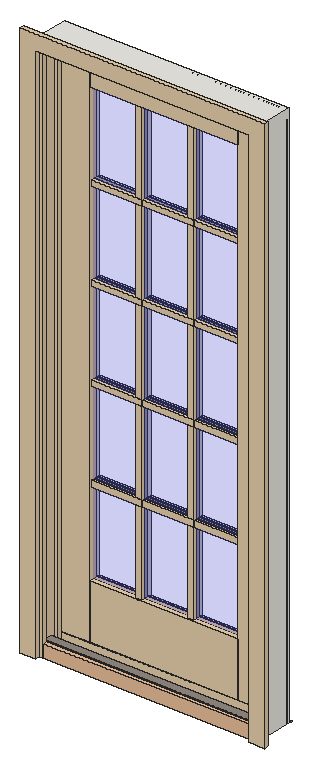
Revit family "Door-Gliding-Andersen-E_Series-Sidelight 2", category Doors, host Wall, Revit 2013
Parameters
  Type Comments = "Aluminum-clad wood Gliding Sidelight"  # constant formula
  Rough Width = Width + (Rough Opening Offset * 2)  # 2' - 9"
  Rough Opening Offset = 0' - 0 1/4"
  Rough Height = if(1 > 0, Height + 0' 0 1/2", 0' 0")  # 6' - 8 1/2"
  Panel Type [instance] = Gliding_Panel : SP1
  Masonry Width = if(Enter Exterior Trim Number > 0, Width + ((casing4 + Masonry Opening Offset) * 2), Width + (Masonry Opening Offset * 2))  # 2' - 9"
  Masonry Opening Offset = 0' - 0 1/4"
  Masonry Height = if(Enter Exterior Trim Number > 0, Height + (casing4 + 0' 0 1/2"), Height + 0' 0 1/2")  # 6' - 8 1/2"
  Learn About These Parameters = "http://www.andersenwindows.com/for-professionals/cad-symbols-bim-support-window-doors/bim-support"
  LWide = if(or(Enter Pattern Number = 1, Enter Pattern Number = 2), . . Lights Wide, if(Enter Pattern Number = 6, . . .Lights Wide, 3))  # 3
  Grille Bar Sizes = "5/8'', 7/8'', 1 1/8'', 1 1/2'', 2 1/4''"  # constant formula
  Glazing Material = Glass ‐ Andersen - Low-E4 SmartSun
  Between Glass Grille Bar Sizes = "5/8'', 1''"  # constant formula
  Interior Trim Visibility = yes
  Grille Bar Size = 0' - 0 7/8"
  Enter Pattern Number = 1
  ..Pattern Number 1 = "Traditional"  # constant formula
  ..Pattern Number 2 = "Traditional Top Light Only"  # constant formula
  . . Lights Wide = 3
  . . Top Light Lights High = 5
  . . Bottom Light Lights High = 2
  ..Pattern Number 3 = "Prairie Each Light"  # constant formula
  ..Pattern Number 4 = "Prairie Top Light Only"  # constant formula
  ..Pattern Number 5 = "Prairie Overall"  # constant formula
  ..Pattern Number 6 = "Craftsman"  # constant formula
  . . .Lights Wide = 3
  Extension Jamb Visibility = yes
  . . .Lights High = 1
  . . .Bottom Bar Location = 1' - 0"
  . . .Bottom Bar Size = 0' - 0 7/8"
  Enter Exterior Trim Number = 0
  ..Exterior Trim Number 0 = "No Exterior Trim"  # constant formula
  ..Exterior Trim  Number 1 = "2'' Brick Mould (A753)"  # constant formula
  ..Exterior Trim Number 2 = "2'' Ovolo Brick Mould (A754)"  # constant formula
  ..Exterior Trim  Number 3 = "3 1/2'' Brick Mould (A755)"  # constant formula
  ..Exterior Trim Number 4 = "3 1/2'' Backband & Bead Casing (A756)"  # constant formula
  ..Exterior Trim Number 5 = "3 1/2'' Flat Casing (A75B)"  # constant formula
  ..Exterior Trim Number 6 = "5 1/2'' Flat Casing (A758)"  # constant formula
  Interior Grille Bar Visibility = yes
  Exterior Grille Bar Visibility = yes
  Between Glass Grille Bar Visibility = yes
  xjamb Visibility [instance] = and(Extension Jamb Visibility, Wall Depth > 0' 4 9/16")  # no
  xjamb S1 [instance] = if(Wall Depth < 0' 4 5/8", 0' 0 1/16", 0' 0")  # 0' - 0 1/16"
  casingS2 = if(Enter Exterior Trim Number = 3, 0' 0 7/8", 0' 0 3/8")  # 0' - 0 3/8"
  casingS1 = if(Enter Exterior Trim Number = 1, 0' 0 5/8", if(or(Enter Exterior Trim Number = 2, Enter Exterior Trim Number = 3), 0' 1 1/2", 0' 0 3/8"))  # 0' - 0 3/8"
  casing4 = if(or(Enter Exterior Trim Number = 1, Enter Exterior Trim Number = 2), 0' 1 5/8", if(Enter Exterior Trim Number = 6, 0' 5 1/8", 0' 3 1/8"))  # 0' - 3 1/8"
  casing3 = if(Enter Exterior Trim Number = 1, 0' 0 3/8", if(Enter Exterior Trim Number = 2, 0' 0 5/16", 0' 0 9/16"))  # 0' - 0 9/16"
  casing2 = if(Enter Exterior Trim Number = 1, 0' 0 7/8", if(Enter Exterior Trim Number = 2, 0' 1 9/16", 0' 1 7/16"))  # 0' - 1 7/16"
  casing1 = 0' - 0 1/4"  # constant formula
  Wall Thickness [instance] = 0' - 8"
  Wall Depth [instance] = 0' - 4 9/16"
  Void Offset 1 [instance] = if(Enter Exterior Trim Number > 0, casing4, 0' 0")  # 0' - 0"
  Void Depth [instance] = if(Wall Thickness > Wall Depth, 0' 1" + Wall Thickness - Wall Depth, 0' 1")  # 0' - 4 7/16"
  VGB DLO = if(or(Enter Pattern Number = 3, or(Enter Pattern Number = 4, Enter Pattern Number = 5)), 0' 4", (H DLO - (Grille Bar Size * (V Bars))) / if(LWide > 2, LWide, 3))  # 0' - 6 1/4"
  V Bars = if(LWide > 2, LWide - 1, 2)  # 2
  URL = "www.eaglewindow.com"
  TS V DLO = Height - HGO - SGO  # 5' - 8"
  TS V Bar Length = if(Enter Pattern Number = 6, . . .Bottom Bar Location - HGO - (. . .Bottom Bar Size / 2), TS V DLO)  # 5' - 8"
  TS SH DLO = if(Enter Pattern Number = 5, HGO + 0' 4" + (Grille Bar Size / 2), if(Enter Pattern Number = 6, . . .Bottom Bar Location, (TS V DLO / 2) + HGO))  # 3' - 4"
  TS S V = LWide = 2  # no
  TS S H Craftsman = and(Enter Pattern Number = 6, . . .Lights High = 2)  # no
  TS S H = and(. . Top Light Lights High = 2, or(or(or(Enter Pattern Number = 5, Enter Pattern Number = 6), Enter Pattern Number = 1), Enter Pattern Number = 2))  # no
  TS M V = or(or(or(or(or(and(LWide > 2, Enter Pattern Number = 1), and(LWide > 2, Enter Pattern Number = 2)), Enter Pattern Number = 3), Enter Pattern Number = 4), Enter Pattern Number = 5), and(LWide > 2, Enter Pattern Number = 6))  # yes
  TS M H = or(or(or(and(. . Top Light Lights High > 2, Enter Pattern Number = 1), and(. . Top Light Lights High > 2, Enter Pattern Number = 2), Enter Pattern Number = 3), Enter Pattern Number = 4), and(. . .Lights High > 2, Enter Pattern Number = 6))  # yes
  TS HGB DLO = if(or(Enter Pattern Number = 3, Enter Pattern Number = 4), 0' 4", if(and(Enter Pattern Number = 6, . . .Lights High > 2), (TS V Bar Length - (Grille Bar Size * (. . .Lights High - 1))) / . . .Lights High, if(. . Top Light Lights High > 2, (TS V Bar Length - (Grille Bar Size * (. . Top Light Lights High - 1))) / . . Top Light Lights High, 0' 4")))  # 1' - 0.9"
  TS H Bars = if(or(Enter Pattern Number = 3, Enter Pattern Number = 4), 2, if(and(Enter Pattern Number = 6, . . .Lights High > 2), . . .Lights High - 1, if(. . Top Light Lights High > 2, . . Top Light Lights High - 1, 2)))  # 4
  Sill Interior Offset [instance] = 0' - 0 5/128"  # constant formula
  Sill Height [instance] = 0' - 1 7/8"  # constant formula
  Panel Bottom Inset [instance] = 0' - 2 5/32"  # constant formula
  Sill Depth [instance] = 0' - 6 1/16"  # constant formula
  SGO = 0' - 6"  # constant formula
  Product Documentation Link = "www.eaglewindow.com/_Products/Ascent-Sliding-French-Doors.aspx"
  Panel Width = ((Width) - 0' 1 3/4") + 0' 0 1/8"  # 2' - 6 7/8"
  Panel Height [instance] = CTRL Height - 0' 0 31/32" - Panel Bottom Inset  # 6' - 4 7/8"
  Nail Fin Visibility = Enter Exterior Trim Number = 0  # yes
  Model = "E-Series Gliding"  # constant formula
  Manufacturer = "Andersen Corporation"  # constant formula
  JGO = 0' - 6"  # constant formula
  Is Gliding = 1 = 1  # yes
  Interior Trim Size = 0' - 2 1/4"
  Interior Material = Wood - Andersen - Pine
  Horizontal Craftsman Bar Size = if(Enter Pattern Number = 6, . . .Bottom Bar Size, Grille Bar Size)  # 0' - 0 7/8"
  HGO = 0' - 6"  # constant formula
  H DLO = Width - (JGO * 2)  # 1' - 8 1/2"
  Function = Exterior
  Height = 6' - 8"
  Wall Closure = By host
  Width = 2' - 8 1/2"
  Frame Interior Inset [instance] = 0' - 0"  # constant formula
  Frame Depth [instance] = 0' - 5 29/32"  # constant formula
  Family Version = "06.01.14"  # constant formula
  Exterior Trim Finish = Aluminum - Andersen - Painted - White
  Exterior Panel Finish = Aluminum - Andersen - Painted - White
  Exterior Grille Bar Finish = Aluminum - Andersen - Painted - White
  Exterior Frame Finish = Aluminum - Andersen - Painted - White
  Designation = "GD"
  Description = "Aluminum-clad wood Gliding Sidelight"  # constant formula
  Coarse Plan [instance] = if(Wall Depth > Wall Thickness, Wall Thickness, Wall Depth)  # 0' - 4 9/16"
  Casing Visibility [instance] = Enter Exterior Trim Number > 0  # no
  CTRL Height [instance] = Height  # 6' - 8"
  Between Glass Grille Bar Finish = Stainless Steel - Andersen - Standard
  BS V DLO = Height - HGO - SGO  # 5' - 8"
  BS SH DLO = if(Enter Pattern Number = 5, SGO + 0' 4" + (Grille Bar Size / 2), (BS V DLO / 2) + SGO)  # 3' - 4"
  BS S V = and(LWide = 2, Enter Pattern Number = 1)  # no
  BS S H = or(and(. . Bottom Light Lights High = 2, Enter Pattern Number = 1), Enter Pattern Number = 5)  # yes
  BS M V = or(or(and(LWide > 2, Enter Pattern Number = 1), Enter Pattern Number = 3), Enter Pattern Number = 5)  # yes
  BS M H = or(and(. . Bottom Light Lights High > 2, Enter Pattern Number = 1), Enter Pattern Number = 3)  # no
  BS HGB DLO = if(. . Bottom Light Lights High > 2, if(Enter Pattern Number = 3, 0' 4", (BS V DLO - (Grille Bar Size * (. . Bottom Light Lights High - 1))) / . . Bottom Light Lights High), 0' 2")  # 0' - 2"
  BS H Bars = if(. . Bottom Light Lights High > 2, . . Bottom Light Lights High - 1, 2)  # 2
Reference planes (in)
  plane 1 "Center (Front/Back)": y = 0
  plane 2 "Center (Left/Right)": x = 0
  plane 3 "R Frame": x = -16.25
  plane 4 "L Frame": x = 16.25
  plane 5 "T Frame": z = 80
  plane 6 "Wall S1": y = 3.71875
  plane 7 "Wall S2": y = -4.28125
  plane 8 "Interior Casing": y = -4.90625
  plane 9 "Frame S2": y = -4.28125
  plane 10 "Flange": y = 0.28125
  plane 11 "Frame S1": y = 1.34375
  plane 12 "Casing S2": y = 1.71875
  plane 13 "Casing S1": y = 1.71875
  plane 14 "Exterior Offset": y = 4.71875
  plane 15 "Coarse Detail Plan": y = 1.5625
  plane 16 "R Rough Opening": x = -16.5
  plane 17 "R Casing 1": x = -16
  plane 18 "R Casing 2": x = -17.9375
  plane 19 "R Casing 3": x = -18.8125
  plane 20 "R Casing 4": x = -19.375
  plane 21 "R Masonry Opening": x = -16.5
  plane 22 "L Masonry Opening": x = 16.5
  plane 23 "L Casing 4": x = 19.375
  plane 24 "L Casing 3": x = 18.8125
  plane 25 "L Casing 2": x = 17.9375
  plane 26 "L Casing 1": x = 16
  plane 27 "L Rough Opening": x = 16.5
  plane 28 "T Rough Opening": z = 80.5
  plane 29 "T Casing 1": z = 79.75
  plane 30 "T Casing 2": z = 81.6875
  plane 31 "T Casing 3": z = 82.5625
  plane 32 "T Casing 4": z = 83.125
  plane 33 "T Masonry Opening": z = 80.5
  plane 34 "R Int Casing": x = -17.75
  plane 35 "R Xjamb 2": x = -16.125
  plane 36 "R Xjamb 1": x = -15.5
  plane 37 "L Int Casing": x = 17.75
  plane 38 "L Xjamb 2": x = 16.125
  plane 39 "L Xjamb 1": x = 15.5
  plane 40 "T Int Casing": z = 81.25
  plane 41 "T Xjamb 2": z = 79.875
  plane 42 "T Xjamb 1": z = 79
  plane 43 "L Panel": x = 15.4372
  plane 44 "R Panel": x = -15.4375
  plane 45 "T Panel": z = 79.0312
  plane 46 "B Panel": z = 2.1562
  plane 47 "B Glazing": z = 10.1562
  plane 48 "T Glazing": z = 74.3437
  plane 49 "L Glazing": x = 10.7497
  plane 50 "R Glazing": x = -10.75
  plane 51 "Panel1 S1": y = -1.88625
  plane 52 "Panel1 S2": y = -3.63625
  plane 53 "Xjamb S1": y = -4.21875
  plane 54 "Frame S2 Ext": y = 1.625
  plane 55 "Stop Exterior": y = -1.20412
  plane 56 "Stop Interior": y = -1.71975
  plane 57 "Sill Exterior": y = 1.78125
  plane 58 "L Stop": x = 14.75
  plane 59 "R Stop": x = -14.75
  plane 60 "T Stop": z = 78.5
  plane 61 "Sill Height": z = 1.875
  plane 62 "Panel2 S1": y = 0.625
  plane 63 "Panel2 S2": y = -1.1355
  plane 64 "R Panel Width": x = 15.4375
Forms (in)
  Extrusion 1, void
    sketch origin (0, 0, 0) x (1, 0, 0) y (0, 0, 1)
      loop
        line (16.25, 80) -> (-16.25, 80) -> (-16.25, 0) -> (16.25, 0) -> (16.25, 80)
    from -0.28125 to 4.28125
  Extrusion 2, void
    sketch origin (0, 0, 0) x (1, 0, 0) y (0, 0, 1)
      loop
        line (16.25, 80) -> (-16.25, 80) -> (-16.25, 0) -> (16.25, 0) -> (16.25, 80)
    from -15.71875 to -0.28125
  Sweep 3, solid, material "Aluminum - Andersen - Painted - White" <- "Exterior Trim Finish", visible <- "Casing Visibility", detail levels medium+fine
    path origin (0, 0.28125, 0) x (-1, 0, 0) y (0, 0, 1)
      loop
        line (-19.375, 0) -> (-19.375, 83.125) -> (19.375, 83.125) -> (19.375, 0)
    profile origin (19.375, 0.28125, 41.5625) x (1, 0, 0) y (0, 1, 0)
      loop
        line (-1.4375, 1.4375) -> (-3.375, 1.4375) -> (-3.375, 0) -> (0, 0) -> (0, 1.4375) -> (-0.5625, 1.4375) -> (-1.4375, 1.4375)
  Extrusion 4, solid, material "Aluminum - Andersen - Painted - White" <- "Exterior Trim Finish", visible <- "Casing Visibility", detail levels coarse
    sketch origin (0, 0.28125, 0) x (-1, 0, 0) y (0, 0, 1)
      loop
        line (-16, 79.75) -> (16, 79.75) -> (16, 0) -> (19.375, 0) -> (19.375, 83.125) -> (-19.375, 83.125) -> (-19.375, 0) -> (-16, 0) -> (-16, 79.75)
    from 0 to 1.9375
  Extrusion 5, solid, material "Wood - Andersen - Pine" <- "Interior Material", visible <- "Interior Trim Visibility", detail levels fine
    sketch origin (0, 0, 0) x (1, 0, 0) y (0, 0, 1)
      loop
        line (-15.5, 79) -> (15.5, 79) -> (15.5, 0) -> (17.75, 0) -> (17.75, 81.25) -> (-17.75, 81.25) -> (-17.75, 0) -> (-15.5, 0) -> (-15.5, 79)
    from 4.28125 to 4.90625
  Extrusion 6, solid, material "Wood - Andersen - Pine" <- "Interior Material", visible <- "xjamb Visibility", detail levels medium+fine
    sketch origin (0, 0, 0) x (1, 0, 0) y (0, 0, 1)
      loop
        line (-16.125, 0) -> (-15.5, 0) -> (-15.5, 79) -> (15.5, 79) -> (15.5, 0) -> (16.125, 0) -> (16.125, 79.875) -> (-16.125, 79.875) -> (-16.125, 0)
    from 4.21875 to 4.28125
  Sweep 7, solid, material "Aluminum - Andersen - Painted - White" <- "Exterior Frame Finish", detail levels medium+fine
    path origin (0, 0.28125, 0) x (-1, 0, 0) y (0, 0, 1)
      loop
        line (-16.25, 0) -> (-16.25, 80) -> (16.25, 80) -> (16.25, 0)
    profile origin (16.25, 0.28125, 40) x (1, 0, 0) y (0, 1, 0)
      loop
        line (0, -4.5625) -> (0, 1.0625) -> (-0.25, 1.0625) -> (-0.4375, 1.34375) -> (-1.5, 1.34375) -> (-1.5, 0.35575) -> (-0.75, 0.35575) -> (-0.75, -1.48538) -> (-1.375, -1.48538) -> (-1.375, -2.001) -> (-0.75, -2.001) -> (-0.75, -4.0625) -> (-1.313, -4.0625) -> (-1.313, -4.5625) -> (0, -4.5625)
  Sweep 8, solid, material "Aluminum - Andersen - Painted - White" <- "Exterior Frame Finish", detail levels coarse
    path origin (-0.30351, 0.28125, 0) x (-1, 0, 0) y (0, 0, 1)
      loop
        line (-16.55351, 0) -> (-16.55351, 80) -> (15.94649, 80) -> (15.94649, 0)
    profile origin (16.25, 0.28125, 40) x (1, 0, 0) y (0, 1, 0)
      loop
        line (-0.8125, -4.5625) -> (0, -4.5625) -> (0, 1.34375) -> (-0.8125, 1.34375) -> (-0.8125, -4.5625)
  Sweep 9, solid, material "Fiberglass - Andersen - Terratone", detail levels medium+fine
    path origin (0, 0.28125, 0) x (-1, 0, 0) y (0, 0, 1)
      loop
        line (-16.25, 0) -> (16.25, 0)
    profile origin (0, 0.28125, 0) x (0, 0, 1) y (0, 1, 0)
      loop
        line (0, -4.5625) -> (1.875, -4.5625) -> (1.875, -3.94709) -> (2.00898, -3.94709) -> (1.91719, -2.63442) -> (0.63229, -2.63442) -> (0.54751, -1.41675) -> (0.42251, -1.41675) -> (0.29543, 0.40833) -> (0.15625, 0.40833) -> (0.09649, 1.5) -> (0, 1.5) -> (0, -4.5625)
  Sweep 10, solid, material "Fiberglass - Andersen - Terratone", detail levels coarse
    path origin (0, 0.28125, 0) x (-1, 0, 0) y (0, 0, 1)
      loop
        line (-15.4375, 2.1562) -> (15.4375, 2.1562)
    profile origin (0, 0.28125, 2.1562) x (0, 0, 1) y (0, 1, 0)
      loop
        line (0, 1.34375) -> (-2.1562, 1.34375) -> (-2.1562, -4.5625) -> (0, -4.5625) -> (0, 1.34375)
  Sweep 11, void
    path origin (0, 0.28125, 0) x (-1, 0, 0) y (0, 0, 1)
      loop
        line (0, 0) -> (0, 2.1562)
    profile origin (0, 0.28125, 1.0781) x (1, 0, 0) y (0, 1, 0)
      loop
        line (14.937, -4.0625) -> (14.937, -4.5625) -> (16.25, -4.5625) -> (16.25, 1.0625) -> (16, 1.0625) -> (15.8125, 1.34375) -> (14.75, 1.34375) -> (14.75, 0.35575) -> (15.5, 0.35575) -> (15.5, -1.48538) -> (14.875, -1.48538) -> (14.875, -2.001) -> (15.5, -2.001) -> (15.5, -4.0625) -> (14.937, -4.0625)
      loop
        line (-14.937, -4.0625) -> (-15.5, -4.0625) -> (-15.5, -2.001) -> (-14.875, -2.001) -> (-14.875, -1.48538) -> (-15.5, -1.48538) -> (-15.5, 0.35575) -> (-14.75, 0.35575) -> (-14.75, 1.34375) -> (-15.8125, 1.34375) -> (-16, 1.0625) -> (-16.25, 1.0625) -> (-16.25, -4.5625) -> (-14.937, -4.5625) -> (-14.937, -4.0625)
  Sweep 12, solid, material "Aluminum - Andersen - Painted - White" <- "Exterior Panel Finish", detail levels medium+fine
    path origin (0.97958, 0.28125, -3.29495) x (-1, 0, 0) y (0, 0, 1)
      loop
        line (-14.45792, 5.45115) -> (16.41708, 5.45115)
    profile origin (0, 0.28125, 2.1562) x (0, 0, 1) y (0, 1, 0)
      loop
        line (-1.73369, -1.41675) -> (0, -1.41675) -> (0, 0.34375) -> (-1.85627, 0.34375) -> (-1.73369, -1.41675)
Cuts and joins
  Sweep 11 cuts Sweep 9
Lines and regions (in)
  Masking region 1, visible <- "Casing Visibility"
    outline origin (0, 0, 0) x (0, 1, 0) y (0, 0, 1)
      loop
        line (0.28125, 80) -> (1.34375, 80) -> (1.34375, 79.75) -> (1.625, 79.5625) -> (1.625, 0) -> (1.71875, 0) -> (1.71875, 83.125) -> (0.28125, 83.125) -> (0.28125, 80)
  Masking region 2
    outline origin (0, 0, 0) x (1, 0, 0) y (0, 1, 0)
      loop
        line (-16.25, 1.78125) -> (-16.25, -4.28125) -> (16.25, -4.28125) -> (16.25, 1.78125) -> (-16.25, 1.78125)
  Masking region 3
    outline origin (0, 0, 0) x (0, 1, 0) y (0, 0, 1)
      loop
        line (1.34375, 80) -> (-4.28125, 80) -> (-4.28125, 0) -> (1.625, 0) -> (1.625, 79.5625) -> (1.34375, 79.75) -> (1.34375, 80)
  Masking region 4, visible <- "Casing Visibility", detail levels fine
    outline origin (0, 0, 0) x (1, 0, 0) y (0, 1, 0)
      loop
        line (-18.8125, 1.71875) -> (-19.375, 1.71875) -> (-19.375, 0.28125) -> (-16.25, 0.28125) -> (-16.25, 1.34375) -> (-16, 1.34375) -> (-16, 1.71875) -> (-17.9375, 1.71875) -> (-18.8125, 1.71875)
  Masking region 5, visible <- "Casing Visibility", detail levels fine
    outline origin (0, 0, 0) x (1, 0, 0) y (0, 1, 0)
      loop
        line (18.8125, 1.71875) -> (17.9375, 1.71875) -> (16, 1.71875) -> (16, 1.34375) -> (16.25, 1.34375) -> (16.25, 0.28125) -> (19.375, 0.28125) -> (19.375, 1.71875) -> (18.8125, 1.71875)
  Masking region 6, visible <- "Casing Visibility", detail levels coarse+medium
    outline origin (0, 0, 0) x (1, 0, 0) y (0, 1, 0)
      loop
        line (-19.375, 1.71875) -> (-19.375, 0.28125) -> (-16.25, 0.28125) -> (-16.25, 1.71875) -> (-19.375, 1.71875)
  Masking region 7, visible <- "Casing Visibility", detail levels coarse+medium
    outline origin (0, 0, 0) x (1, 0, 0) y (0, 1, 0)
      loop
        line (16.25, 1.71875) -> (16.25, 0.28125) -> (19.375, 0.28125) -> (19.375, 1.71875) -> (16.25, 1.71875)
  Masking region 8, visible <- "Casing Visibility"
    outline origin (0, 1.78125, 0) x (-1, 0, 0) y (0, 0, 1)
      loop
        line (-19.375, 83.125) -> (-19.375, 0) -> (-16.25, 0) -> (-16.25, 80) -> (16.25, 80) -> (16.25, 0) -> (19.375, 0) -> (19.375, 83.125) -> (-19.375, 83.125)
  Masking region 9, visible <- "Interior Trim Visibility", detail levels fine
    outline origin (0, -4.90625, 0) x (-1, 0, 0) y (0, 0, 1)
      loop
        line (-17.75, 81.25) -> (-17.75, 0) -> (-15.5, 0) -> (-15.5, 79) -> (15.5, 79) -> (15.5, 0) -> (17.75, 0) -> (17.75, 81.25) -> (-17.75, 81.25)
  Masking region 10
    outline origin (0, -2.32031, 0) x (-1, 0, 0) y (0, 0, 1)
      loop
        line (-16.25, 80) -> (-16.25, 0) -> (16.25, 0) -> (16.25, 80) -> (-16.25, 80)
      loop
        line (-14.75, 78.5) -> (-14.75, 2.1562) -> (14.75, 2.1562) -> (14.75, 78.5) -> (-14.75, 78.5)
  Split face 1
    outline origin (15.4375, 0.28125, 2.1562) x (0, 0, -1) y (0, 1, 0)
      loop
        line (0, -0.03125) -> (1.83234, -0.03125)
  Masking region 11
    outline origin (0, 1.78125, 0) x (-1, 0, 0) y (0, 0, 1)
      loop
        line (16.25, 80) -> (-16.25, 80) -> (-16.25, 0) -> (16.25, 0) -> (16.25, 80)
      loop
        line (14.75, 78.5) -> (-14.75, 78.5) -> (-14.75, 2.1562) -> (14.75, 2.1562) -> (14.75, 78.5)
  Masking region 12, visible <- "xjamb Visibility", detail levels medium+fine
    outline origin (0, 0, 0) x (1, 0, 0) y (0, 1, 0)
      loop
        line (-16.125, -4.21875) -> (-16.125, -4.28125) -> (-15.5, -4.28125) -> (-15.5, -4.21875) -> (-16.125, -4.21875)
  Masking region 13, visible <- "Interior Trim Visibility", detail levels fine
    outline origin (0, 0, 0) x (1, 0, 0) y (0, 1, 0)
      loop
        line (-17.75, -4.28125) -> (-17.75, -4.90625) -> (-15.5, -4.90625) -> (-15.5, -4.28125) -> (-17.75, -4.28125)
  Masking region 14, visible <- "xjamb Visibility", detail levels medium+fine
    outline origin (0, 0, 0) x (1, 0, 0) y (0, 1, 0)
      loop
        line (15.5, -4.21875) -> (15.5, -4.28125) -> (16.125, -4.28125) -> (16.125, -4.21875) -> (15.5, -4.21875)
  Masking region 15, visible <- "Interior Trim Visibility", detail levels fine
    outline origin (0, 0, 0) x (1, 0, 0) y (0, 1, 0)
      loop
        line (15.5, -4.28125) -> (15.5, -4.90625) -> (17.75, -4.90625) -> (17.75, -4.28125) -> (15.5, -4.28125)
  Masking region 16, visible <- "xjamb Visibility", detail levels medium+fine
    outline origin (0, 0, 0) x (0, 1, 0) y (0, 0, 1)
      loop
        line (-4.21875, 79.875) -> (-4.28125, 79.875) -> (-4.28125, 0) -> (-4.21875, 0) -> (-4.21875, 79.875)
  Masking region 17, visible <- "Interior Trim Visibility", detail levels fine
    outline origin (0, 0, 0) x (0, 1, 0) y (0, 0, 1)
      loop
        line (-4.28125, 81.25) -> (-4.90625, 81.25) -> (-4.90625, 0) -> (-4.28125, 0) -> (-4.28125, 81.25)
  Split face 2
    outline origin (16.25, -4.28125, 0) x (0, 1, 0) y (-1, 0, 0)
      loop
        line (0.5, 31.187) -> (0.5, 1.313)
  Split face 3
    outline origin (15.4375, 1.625, 2.1562) x (-1, 0, 0) y (0, -1, 0)
      loop
        line (0, 5.40625) -> (30.875, 5.40625)
  Split face 4
    outline origin (15.4375, -4.28125, 0) x (0, 1, 0) y (-1, 0, 0)
      loop
        line (0.5, 30.875) -> (0.5, 0)
  Split face 5
    outline origin (-15.4375, 0.28125, 2.1562) x (0, 1, 0) y (0, 0, -1)
      loop
        line (-4.0625, 0) -> (-4.0625, 2.1562)
  Split face 6
    outline origin (15.4375, 0.28125, 2.1562) x (0, 0, -1) y (0, 1, 0)
      loop
        line (0, -4.0625) -> (2.1562, -4.0625)
  Split face 7
    outline origin (16.25, 1.625, 80) x (-1, 0, 0) y (0, -1, 0)
      loop
        line (0, 2.7605) -> (32.5, 2.7605)
  Split face 8
    outline origin (-16.25, 1.34375, 80) x (0, 0, -1) y (0, -1, 0)
      loop
        line (0, 2.47925) -> (80, 2.47925)
  Split face 9
    outline origin (16.25, 1.34375, 0) x (0, 0, 1) y (0, -1, 0)
      loop
        line (80, 2.47925) -> (0, 2.47925)
  Split face 10
    outline origin (16.25, 1.625, 0) x (0, 0, 1) y (0, -1, 0)
      loop
        line (80, 2.7605) -> (0, 2.7605)
  Split face 11
    outline origin (-16.25, 1.625, 80) x (0, 0, -1) y (0, -1, 0)
      loop
        line (0, 2.7605) -> (80, 2.7605)
  Split face 12
    outline origin (16.25, 1.34375, 80) x (-1, 0, 0) y (0, -1, 0)
      loop
        line (32.5, 2.47925) -> (0, 2.47925)
  Split face 13
    outline origin (-15.4375, -4.28125, 79.1875) x (0, 0, -1) y (0, 1, 0)
      loop
        line (79.1875, 3.14575) -> (0, 3.14575)
  Split face 14
    outline origin (15.4375, -4.28125, 79.1875) x (0, 1, 0) y (-1, 0, 0)
      loop
        line (3.14575, 30.875) -> (3.14575, 0)
  Split face 15
    outline origin (15.4375, -4.28125, 0) x (0, 0, 1) y (0, 1, 0)
      loop
        line (79.1875, 3.14575) -> (0, 3.14575)
  symbolic lines, style "DoorsFrameMullionProjection", visible <- "Casing Visibility", detail levels medium+fine
    curve 1: line (0, 1.71875, 82.5625) -> (0, 1.71875, 81.6875)
    curve 2: line (0, 1.71875, 81.6875) -> (0, 1.71875, 79.75)
    curve 3: line (0, 1.71875, 79.75) -> (0, 1.34375, 79.75)
    curve 5: line (19.375, 0.28125, 2.1562) -> (21, 0.28125, 2.1562)
    curve 6: line (-19.375, 0.28125, 2.1562) -> (-21, 0.28125, 2.1562)
    curve 117: line (0, 0.28125, 84.75) -> (0, 0.28125, 83.125)
  symbolic lines, style "DoorsFrameMullionProjection", detail levels coarse
    curve 4: line (0, 1.34375, 80) -> (0, 1.71875, 80)
    curve 7: line (15.5, 1.625, 2.1562) -> (15.5, -4.28125, 2.1562)
    curve 8: line (0, 1.625, 0) -> (0, 1.625, 2.1562)
    curve 9: line (0, 1.625, 2.1562) -> (0, -4.28125, 2.1562)
    curve 10: line (0, -4.28125, 2.1562) -> (0, -4.28125, 0)
    curve 11: line (0, -4.21875, 79.0312) -> (0, 1.625, 79.0312)
    curve 33: line (-16.25, 1.625, 2.1562) -> (-15.5, 1.625, 2.1562)
    curve 96: line (-15.5, 1.625, 2.1562) -> (-15.5, -4.28125, 2.1562)
    curve 124: line (15.5, 1.625, 2.1562) -> (16.25, 1.625, 2.1562)
  symbolic lines, style "DoorsFrameMullionProjection", detail levels medium+fine
    curve 12: line (-15.875, -4.28125, 2.1562) -> (-16.25, -4.28125, 2.1562)
    curve 15: line (-14.75, 1.625, 0.8125) -> (-14.75, 0.637, 0.8125)
    curve 16: line (-14.75, 0.637, 0.8125) -> (-15.5, 0.637, 0.8125)
    curve 17: line (-15.5, 0.637, 0.8125) -> (-15.5, -1.20413, 0.8125)
    curve 18: line (-15.5, -1.20413, 0.8125) -> (-14.875, -1.20413, 0.8125)
    curve 19: line (-14.875, -1.20413, 0.8125) -> (-14.875, -1.71975, 0.8125)
    curve 20: line (-14.937, -4.28125, 0.8125) -> (-16.25, -4.28125, 0.8125)
    curve 21: line (-16.25, -4.28125, 0.8125) -> (-16.25, 1.34375, 0.8125)
    curve 22: line (-15.8125, 1.625, 0.8125) -> (-14.75, 1.625, 0.8125)
    curve 23: line (0, -1.20413, 78.625) -> (0, -1.71975, 78.625)
    curve 24: line (0, -1.20413, 79.25) -> (0, -1.20413, 78.625)
    curve 25: line (0, -1.20413, 79.25) -> (0, 0.625, 79.25)
    curve 26: line (0, 0.625, 79.25) -> (0, 0.625, 78.5)
    curve 27: line (0, 0.625, 78.5) -> (0, 1.625, 78.5)
    curve 28: line (0, 1.625, 78.5) -> (0, 1.625, 79.5625)
    curve 29: line (0, -4.28125, 78.687) -> (0, -4.28125, 80)
    curve 30: line (0, -4.28125, 80) -> (0, 1.34375, 80)
    curve 42: line (-15.5, -1.71975, 0.8125) -> (-14.875, -1.71975, 0.8125)
    curve 43: line (-15.5, -1.71975, 0.8125) -> (-15.5, -3.78125, 0.8125)
    curve 44: line (-15.5, -3.78125, 0.8125) -> (-14.937, -3.78125, 0.8125)
    curve 45: line (-14.937, -3.78125, 0.8125) -> (-14.937, -4.28125, 0.8125)
    curve 46: line (-16, 1.34375, 0.8125) -> (-15.8125, 1.625, 0.8125)
    curve 52: line (14.75, 1.625, 0.8125) -> (14.75, 0.637, 0.8125)
    curve 53: line (14.75, 0.637, 0.8125) -> (15.5, 0.637, 0.8125)
    curve 54: line (15.5, 0.637, 0.8125) -> (15.5, -1.20413, 0.8125)
    curve 55: line (15.5, -1.20413, 0.8125) -> (14.875, -1.20413, 0.8125)
    curve 56: line (14.875, -1.20413, 0.8125) -> (14.875, -1.71975, 0.8125)
    curve 57: line (14.937, -4.28125, 0.8125) -> (16.25, -4.28125, 0.8125)
    curve 58: line (16.25, -4.28125, 0.8125) -> (16.25, 1.34375, 0.8125)
    curve 59: line (15.8125, 1.625, 0.8125) -> (14.75, 1.625, 0.8125)
    curve 60: line (15.5, -1.71975, 0.8125) -> (14.875, -1.71975, 0.8125)
    curve 61: line (15.5, -1.71975, 0.8125) -> (15.5, -3.78125, 0.8125)
    curve 62: line (15.5, -3.78125, 0.8125) -> (14.937, -3.78125, 0.8125)
    curve 63: line (14.937, -3.78125, 0.8125) -> (14.937, -4.28125, 0.8125)
    curve 64: line (16, 1.34375, 0.8125) -> (15.8125, 1.625, 0.8125)
    curve 65: line (0, 0.68958, 0.15625) -> (0, 1.74219, 0.09649)
    curve 66: line (0, 1.74219, 0.09649) -> (0, 1.74219, 0)
    curve 67: line (0, -4.28125, 0) -> (0, -4.28125, 1.875)
    curve 68: line (0, -4.28125, 1.875) -> (0, -3.66584, 1.875)
    curve 69: line (0, -3.66584, 2.00898) -> (0, -2.35317, 1.91719)
    curve 70: line (0, -2.35317, 1.91719) -> (0, -2.35317, 0.63229)
    curve 71: line (0, -1.1355, 0.42251) -> (0, 0.68958, 0.29543)
    curve 72: line (0, -2.35317, 0.63229) -> (0, -1.1355, 0.54751)
    curve 73: line (0, 0.68958, 0.29543) -> (0, 0.68958, 0.15625)
    curve 74: line (0, -3.66584, 1.875) -> (0, -3.66584, 2.00898)
    curve 83: line (0, -1.71975, 79.25) -> (0, -1.71975, 78.625)
    curve 84: line (0, -1.71975, 79.25) -> (0, -3.78125, 79.25)
    curve 85: line (0, -3.78125, 79.25) -> (0, -3.78125, 78.687)
    curve 86: line (0, -3.78125, 78.687) -> (0, -4.28125, 78.687)
    curve 87: line (0, 1.34375, 79.75) -> (0, 1.625, 79.5625)
    curve 93: line (0, 0.625, 2.1562) -> (0, 0.625, 0.29993)
    curve 94: line (0, -1.1355, 2.1562) -> (0, -1.1355, 0.42251)
    curve 95: line (0, -1.1355, 2.1562) -> (0, 0.625, 2.1562)
    curve 118: line (15.5, -2.32031, 2.1562) -> (-15.5, -2.32031, 2.1562)
    curve 121: line (16.25, 1.34375, 0.8125) -> (16, 1.34375, 0.8125)
    curve 122: line (-16.25, 1.34375, 0.8125) -> (-16, 1.34375, 0.8125)
    curve 125: line (0, 1.34375, 79.75) -> (0, 1.34375, 80)
  symbolic lines, style "DoorsFrameMullionProjection", not visible, detail levels fine
    curve 13: line (0, 1.78125, 0) -> (0, -4.32031, 0)
  symbolic lines, style "DoorsFrameMullionProjection", detail levels fine
    curve 14: line (0, 1.78125, 0) -> (0, -4.32031, 0)
  symbolic lines, style "DoorsFrameMullionProjection"
    curve 31: line (14.75, 1.78125, 2.1562) -> (14.75, 1.78125, 0)
    curve 32: line (-14.75, 1.78125, 2.1562) -> (-14.75, 1.78125, 0)
    curve 130: line (-16.25, 1.34375, 0) -> (-16.25, -4.28125, 0)
    curve 131: line (16.25, 1.34375, 0) -> (16.25, -4.28125, 0)
  symbolic lines, style "DoorsFrameMullionProjection", not visible, detail levels medium+fine
    curve 34: line (-16.75, 3.77622, 0.8125) -> (-16.75, 2.78822, 0.8125)
    curve 35: line (-16.75, 2.78822, 0.8125) -> (-17.5, 2.78822, 0.8125)
    curve 36: line (-17.5, 2.78822, 0.8125) -> (-17.5, 0.94709, 0.8125)
    curve 37: line (-17.5, 0.94709, 0.8125) -> (-16.875, 0.94709, 0.8125)
    curve 38: line (-16.875, 0.94709, 0.8125) -> (-16.875, 0.43147, 0.8125)
    curve 39: line (-16.937, -2.13003, 0.8125) -> (-18.25, -2.13003, 0.8125)
    curve 40: line (-18.25, -2.13003, 0.8125) -> (-18.25, 3.49497, 0.8125)
    curve 41: line (-17.8125, 3.77622, 0.8125) -> (-16.75, 3.77622, 0.8125)
    curve 47: line (-17.5, 0.43147, 0.8125) -> (-16.875, 0.43147, 0.8125)
    curve 48: line (-17.5, 0.43147, 0.8125) -> (-17.5, -1.63003, 0.8125)
    curve 49: line (-17.5, -1.63003, 0.8125) -> (-16.937, -1.63003, 0.8125)
    curve 50: line (-16.937, -1.63003, 0.8125) -> (-16.937, -2.13003, 0.8125)
    curve 51: line (-18, 3.49497, 0.8125) -> (-17.8125, 3.77622, 0.8125)
    curve 75: line (0, -0.20413, 78.625) -> (0, -0.71975, 78.625)
    curve 76: line (0, -0.20413, 79.25) -> (0, -0.20413, 78.625)
    curve 77: line (0, -0.20413, 79.25) -> (0, 1.625, 79.25)
    curve 78: line (0, 1.625, 79.25) -> (0, 1.625, 78.5)
    curve 79: line (0, 1.625, 78.5) -> (0, 2.625, 78.5)
    curve 80: line (0, 2.625, 78.5) -> (0, 2.625, 79.5625)
    curve 81: line (0, -3.28125, 78.687) -> (0, -3.28125, 80)
    curve 82: line (0, -3.28125, 80) -> (0, 2.34375, 80)
    curve 88: line (0, -0.71975, 79.25) -> (0, -0.71975, 78.625)
    curve 89: line (0, -0.71975, 79.25) -> (0, -2.78125, 79.25)
    curve 90: line (0, -2.78125, 79.25) -> (0, -2.78125, 78.687)
    curve 91: line (0, -2.78125, 78.687) -> (0, -3.28125, 78.687)
    curve 92: line (0, 2.34375, 79.75) -> (0, 2.625, 79.5625)
    curve 101: line (0, 1.68958, 0.15625) -> (0, 2.74219, 0.09649)
    curve 102: line (0, 2.74219, 0.09649) -> (0, 2.74219, 0)
    curve 103: line (0, -3.28125, 0) -> (0, -3.28125, 1.875)
    curve 104: line (0, -3.28125, 1.875) -> (0, -2.66584, 1.875)
    curve 105: line (0, -2.66584, 2.00898) -> (0, -1.35317, 1.91719)
    curve 106: line (0, -1.35317, 1.91719) -> (0, -1.35317, 0.63229)
    curve 107: line (0, -0.1355, 0.42251) -> (0, 1.68958, 0.29543)
    curve 108: line (0, -1.35317, 0.63229) -> (0, -0.1355, 0.54751)
    curve 109: line (0, 1.68958, 0.29543) -> (0, 1.68958, 0.15625)
    curve 110: line (0, -2.66584, 1.875) -> (0, -2.66584, 2.00898)
    curve 111: line (0, 1.625, 2.1562) -> (0, 1.625, 0.29993)
    curve 112: line (0, -0.1355, 2.1562) -> (0, -0.1355, 0.42251)
    curve 113: line (0, -0.1355, 2.1562) -> (0, 1.625, 2.1562)
    curve 123: line (-18.25, 3.49497, 0.8125) -> (-18, 3.49497, 0.8125)
    curve 126: line (0, 2.34375, 79.75) -> (0, 2.34375, 80)
  symbolic lines, style "DoorsFrameMullionProjection", not visible, detail levels coarse
    curve 97: line (-17.5, 3.77622, 2.1562) -> (-17.5, -2.13003, 2.1562)
    curve 98: line (0, 2.625, 0) -> (0, 2.625, 2.1562)
    curve 99: line (0, 2.625, 2.1562) -> (0, -3.28125, 2.1562)
    curve 100: line (0, -3.28125, 2.1562) -> (0, -3.28125, 0)
  symbolic lines, style "DoorsFrameMullionProjection", visible <- "Nail Fin Visibility", detail levels medium+fine
    curve 114: line (16.25, 0.28125, 2.1562) -> (17.75, 0.28125, 2.1562)
    curve 115: line (-16.25, 0.28125, 2.1562) -> (-17.75, 0.28125, 2.1562)
    curve 116: line (0, 0.28125, 81.5) -> (0, 0.28125, 80)
  symbolic lines, style "DoorsFrameMullionProjection", visible <- "xjamb Visibility", detail levels medium+fine
    curve 119: line (0, -4.21875, 79.0312) -> (0, -4.28125, 79.0312)
  symbolic lines, style "DoorsFrameMullionProjection", visible <- "Interior Trim Visibility", detail levels fine
    curve 120: line (0, -4.28125, 79.0312) -> (0, -4.90625, 79.0312)
  symbolic lines, style "DoorsFrameMullionProjection", visible <- "Casing Visibility"
    curve 127: line (19.375, 1.71875, 0) -> (19.375, 0.28125, 0)
    curve 128: line (-19.375, 1.71875, 0) -> (-19.375, 0.28125, 0)
    curve 129: line (0, 1.71875, 83.125) -> (0, 0.28125, 83.125)
Text (in)
  text "Exterior" at (-74.96733, 27.31104, 0), in view "Ref. Level"
  text "Interior" at (-74.96733, -25.14366, 0), in view "Ref. Level"
  text "Exterior" at (0, 40.15149, 123.01588), in view "Right"
  text "Interior" at (0, -64.39139, 123.01588), in view "Right"
  text "Interior" at (0, -31.01599, 123.00693), in view "Left"
  text "Exterior" at (0, 54.57065, 123.00693), in view "Left"
Dimensions and locks (in)
  equal spacing: plane 3 "R Frame", plane 2 "Center (Left/Right)", plane 4 "L Frame"
  "CTRL Height": level to plane 5 "T Frame"
  "Width": plane 3 "R Frame" to plane 4 "L Frame"
  host wall to plane 5 "T Frame" = 6' - 8"
  locked: plane 11 "Frame S1" to plane 10 "Flange" at 1.0625
  "casingS2": plane 12 "Casing S2" to plane 11 "Frame S1"
  locked: plane 8 "Interior Casing" to host wall at 0.625
  locked: plane 14 "Exterior Offset" to host wall at 1
  "Void Offset 1": plane 4 "L Frame" to Extrusion 2 sketch curve
  "Void Offset 1": plane 5 "T Frame" to Extrusion 2 sketch curve
  "Void Offset 1": Extrusion 2 sketch curve to plane 3 "R Frame"
  "casing1": plane 26 "L Casing 1" to plane 4 "L Frame"
  "Rough Opening Offset": plane 4 "L Frame" to plane 27 "L Rough Opening"
  "casing4": plane 4 "L Frame" to plane 23 "L Casing 4"
  "casing2": plane 25 "L Casing 2" to plane 23 "L Casing 4"
  "casing3": plane 24 "L Casing 3" to plane 23 "L Casing 4"
  "casing1": plane 3 "R Frame" to plane 17 "R Casing 1"
  "Rough Opening Offset": plane 16 "R Rough Opening" to plane 3 "R Frame"
  "casing4": plane 20 "R Casing 4" to plane 3 "R Frame"
  "casing2": plane 20 "R Casing 4" to plane 18 "R Casing 2"
  "casing3": plane 20 "R Casing 4" to plane 19 "R Casing 3"
  "casing1": plane 29 "T Casing 1" to plane 5 "T Frame"
  "casing4": plane 5 "T Frame" to plane 32 "T Casing 4"
  "casing2": plane 30 "T Casing 2" to plane 32 "T Casing 4"
  "casing3": plane 31 "T Casing 3" to plane 32 "T Casing 4"
  locked: plane 3 "R Frame" to plane 35 "R Xjamb 2" at 0.125
  locked: plane 3 "R Frame" to plane 36 "R Xjamb 1" at 0.75
  "Interior Trim Size": plane 34 "R Int Casing" to plane 36 "R Xjamb 1"
  locked: plane 38 "L Xjamb 2" to plane 4 "L Frame" at 0.125
  locked: plane 39 "L Xjamb 1" to plane 4 "L Frame" at 0.75
  "Interior Trim Size": plane 39 "L Xjamb 1" to plane 37 "L Int Casing"
  locked: plane 41 "T Xjamb 2" to plane 5 "T Frame" at 0.125
  plane 42 "T Xjamb 1" to plane 5 "T Frame" = 0' - 1"
  locked: plane 42 "T Xjamb 1" to plane 40 "T Int Casing" at 2.25
  locked: plane 45 "T Panel" to plane 5 "T Frame" at 0.9688
  locked: plane 48 "T Glazing" to plane 45 "T Panel" at 4.6875
  locked: plane 46 "B Panel" to plane 47 "B Glazing" at 8
  locked: plane 3 "R Frame" to plane 44 "R Panel" at 0.8125
  locked: plane 44 "R Panel" to plane 50 "R Glazing" at 4.6875
  locked: plane 43 "L Panel" to plane 4 "L Frame" at 0.8128
  locked: plane 49 "L Glazing" to plane 43 "L Panel" at 4.6875
  locked: plane 51 "Panel1 S1" to plane 52 "Panel1 S2" at 1.75
  "xjamb S1": plane 53 "Xjamb S1" to plane 9 "Frame S2"
  locked: Extrusion 2 to host wall at 12
  "Void Depth": plane 14 "Exterior Offset" to Extrusion 2
  "Wall Thickness": host wall to host wall
  "Wall Depth": host wall to plane 10 "Flange"
  "casingS1": plane 13 "Casing S1" to plane 11 "Frame S1"
  "Frame Depth": plane 54 "Frame S2 Ext" to plane 9 "Frame S2"
  locked: plane 54 "Frame S2 Ext" to plane 55 "Stop Exterior" at 2.82913
  locked: plane 23 "L Casing 4" to curve 5 at 1.625
  locked: curve 6 to plane 20 "R Casing 4" at 1.625
  "Panel Height": plane 46 "B Panel" to plane 45 "T Panel"
  locked: plane 36 "R Xjamb 1" to plane 59 "R Stop" at 0.75
  locked: plane 60 "T Stop" to plane 42 "T Xjamb 1" at 0.5
  "Sill Height": level to plane 61 "Sill Height"
  locked: plane 52 "Panel1 S2" to plane 9 "Frame S2" at 0.645
  locked: plane 62 "Panel2 S1" to plane 63 "Panel2 S2" at 1.7605
  locked: plane 54 "Frame S2 Ext" to plane 62 "Panel2 S1" at 1
  locked: plane 58 "L Stop" to plane 39 "L Xjamb 1" at 0.75
  locked: plane 55 "Stop Exterior" to plane 56 "Stop Interior" at 0.51562
  "Panel Width": plane 44 "R Panel" to plane 64 "R Panel Width"
  locked: plane 4 "L Frame" to curve 114 at 1.5
  locked: curve 115 to plane 3 "R Frame" at 1.5
  locked: plane 5 "T Frame" to curve 116 at 1.5
  locked: curve 117 to curve 117 at 1.625
  locked: plane 62 "Panel2 S1" to Split face 1 sketch curve at 0.375
  locked: plane 10 "Flange" to plane 9 "Frame S2" at 4.5625
  equal spacing: plane 21 "R Masonry Opening", plane 2 "Center (Left/Right)", plane 22 "L Masonry Opening"
  "Masonry Width": plane 21 "R Masonry Opening" to plane 22 "L Masonry Opening"
  "Rough Height": level to plane 28 "T Rough Opening"
  "Masonry Height": level to plane 33 "T Masonry Opening"
  locked: plane 57 "Sill Exterior" to plane 9 "Frame S2" at 6.0625
  locked: Masking region 3 sketch curve to plane 5 "T Frame" at 0.4375
  aligned and locked: plane 6 "Wall S1" to host wall
  aligned and locked: plane 7 "Wall S2" to host wall
  aligned and locked: plane 5 "T Frame" to Extrusion 1 sketch curve
  aligned and locked: plane 4 "L Frame" to Extrusion 1 sketch curve
  aligned and locked: Extrusion 1 sketch curve to plane 3 "R Frame"
  aligned and locked: level to Extrusion 1 sketch curve
  aligned and locked: host wall to Extrusion 1
  aligned and locked: plane 10 "Flange" to Extrusion 1
  aligned and locked: level to Extrusion 2 sketch curve
  aligned and locked: level to Sweep 3 sketch curve  (x2)
  aligned and locked: plane 23 "L Casing 4" to Sweep 3 sketch curve  (x2)
  aligned and locked: plane 32 "T Casing 4" to Sweep 3 sketch curve
  aligned and locked: Sweep 3 sketch curve to plane 20 "R Casing 4"
  aligned and locked: plane 24 "L Casing 3" to Sweep 3 sketch curve
  aligned and locked: plane 12 "Casing S2" to Sweep 3 sketch curve
  aligned and locked: plane 25 "L Casing 2" to Sweep 3 sketch curve
  aligned and locked: Sweep 3 sketch curve to plane 13 "Casing S1"
  aligned and locked: plane 10 "Flange" to Sweep 3 sketch curve
  aligned and locked: Sweep 3 sketch curve to plane 26 "L Casing 1"
  aligned and locked: Sweep 3 sketch curve to plane 12 "Casing S2"
  aligned and locked: level to Extrusion 4 sketch curve  (x2)
  aligned and locked: plane 23 "L Casing 4" to Extrusion 4 sketch curve
  aligned and locked: Extrusion 4 sketch curve to plane 26 "L Casing 1"
  aligned and locked: plane 32 "T Casing 4" to Extrusion 4 sketch curve
  aligned and locked: Extrusion 4 sketch curve to plane 29 "T Casing 1"
  aligned and locked: Extrusion 4 sketch curve to plane 20 "R Casing 4"
  aligned and locked: plane 17 "R Casing 1" to Extrusion 4 sketch curve
  aligned and locked: Extrusion 4 to plane 10 "Flange"
  aligned and locked: plane 12 "Casing S2" to Sweep 3
  aligned and locked: plane 29 "T Casing 1" to curve 3
  aligned and locked: plane 5 "T Frame" to Masking region 1 sketch curve
  aligned and locked: Masking region 1 sketch curve to plane 10 "Flange"
  aligned and locked: Masking region 1 sketch curve to plane 32 "T Casing 4"
  aligned and locked: plane 13 "Casing S1" to Masking region 1 sketch curve
  aligned and locked: Masking region 1 sketch curve to level
  aligned and locked: plane 11 "Frame S1" to curve 4
  aligned and locked: Masking region 2 sketch curve to plane 3 "R Frame"
  aligned and locked: plane 4 "L Frame" to Masking region 2 sketch curve
  aligned and locked: plane 5 "T Frame" to Masking region 3 sketch curve
  aligned and locked: plane 9 "Frame S2" to Masking region 3 sketch curve
  aligned and locked: level to Masking region 3 sketch curve
  aligned and locked: plane 13 "Casing S1" to Masking region 4 sketch curve
  aligned and locked: plane 19 "R Casing 3" to Masking region 4 sketch curve
  aligned and locked: Masking region 4 sketch curve to plane 20 "R Casing 4"
  aligned and locked: plane 17 "R Casing 1" to Masking region 4 sketch curve
  aligned and locked: plane 11 "Frame S1" to Masking region 4 sketch curve
  aligned and locked: plane 3 "R Frame" to Masking region 4 sketch curve
  aligned and locked: Masking region 4 sketch curve to plane 12 "Casing S2"
  aligned and locked: plane 18 "R Casing 2" to Masking region 4 sketch curve
  aligned and locked: Masking region 4 sketch curve to plane 13 "Casing S1"
  aligned and locked: plane 25 "L Casing 2" to Masking region 5 sketch curve
  aligned and locked: plane 13 "Casing S1" to Masking region 5 sketch curve  (x2)
  aligned and locked: Masking region 5 sketch curve to plane 23 "L Casing 4"
  aligned and locked: plane 4 "L Frame" to Masking region 5 sketch curve
  aligned and locked: Masking region 5 sketch curve to plane 11 "Frame S1"
  aligned and locked: plane 26 "L Casing 1" to Masking region 5 sketch curve
  aligned and locked: plane 12 "Casing S2" to Masking region 5 sketch curve
  aligned and locked: plane 24 "L Casing 3" to Masking region 5 sketch curve
  aligned and locked: Masking region 6 sketch curve to plane 13 "Casing S1"
  aligned and locked: Masking region 6 sketch curve to plane 20 "R Casing 4"
  aligned and locked: plane 10 "Flange" to Masking region 6 sketch curve
  aligned and locked: plane 3 "R Frame" to Masking region 6 sketch curve
  aligned and locked: Masking region 7 sketch curve to plane 13 "Casing S1"
  aligned and locked: Masking region 7 sketch curve to plane 4 "L Frame"
  aligned and locked: plane 10 "Flange" to Masking region 7 sketch curve
  aligned and locked: plane 23 "L Casing 4" to Masking region 7 sketch curve
  aligned and locked: curve 4 to plane 5 "T Frame"
  aligned and locked: level to Extrusion 5 sketch curve  (x2)
  aligned and locked: Extrusion 5 sketch curve to plane 34 "R Int Casing"
  aligned and locked: plane 36 "R Xjamb 1" to Extrusion 5 sketch curve
  aligned and locked: plane 40 "T Int Casing" to Extrusion 5 sketch curve
  aligned and locked: Extrusion 5 sketch curve to plane 42 "T Xjamb 1"
  aligned and locked: plane 37 "L Int Casing" to Extrusion 5 sketch curve
  aligned and locked: Extrusion 5 sketch curve to plane 39 "L Xjamb 1"
  aligned and locked: Extrusion 5 to host wall
  aligned and locked: Extrusion 5 to plane 8 "Interior Casing"
  aligned and locked: level to Extrusion 6 sketch curve  (x2)
  aligned and locked: plane 36 "R Xjamb 1" to Extrusion 6 sketch curve
  aligned and locked: Extrusion 6 sketch curve to plane 35 "R Xjamb 2"
  aligned and locked: Extrusion 6 sketch curve to plane 42 "T Xjamb 1"
  aligned and locked: plane 41 "T Xjamb 2" to Extrusion 6 sketch curve
  aligned and locked: Extrusion 6 sketch curve to plane 39 "L Xjamb 1"
  aligned and locked: plane 38 "L Xjamb 2" to Extrusion 6 sketch curve
  aligned and locked: plane 53 "Xjamb S1" to Extrusion 6
  aligned and locked: host wall to Extrusion 6
  aligned and locked: plane 10 "Flange" to Masking region 4 sketch curve
  aligned and locked: Masking region 5 sketch curve to plane 10 "Flange"
  aligned and locked: level to Sweep 7 sketch curve  (x2)
  aligned and locked: plane 4 "L Frame" to Sweep 7 sketch curve
  aligned and locked: Sweep 7 sketch curve to plane 3 "R Frame"
  aligned and locked: plane 5 "T Frame" to Sweep 7 sketch curve
  aligned and locked: plane 5 "T Frame" to Sweep 8 sketch curve
  aligned and locked: plane 4 "L Frame" to Sweep 8 sketch curve  (x2)
  aligned and locked: Sweep 8 sketch curve to plane 3 "R Frame"
  aligned and locked: Sweep 8 sketch curve to plane 54 "Frame S2 Ext"
  aligned and locked: plane 9 "Frame S2" to Sweep 8 sketch curve
  aligned and locked: plane 10 "Flange" to curve 6
  aligned and locked: curve 5 to plane 10 "Flange"
  aligned and locked: plane 4 "L Frame" to Sweep 9 sketch curve
  aligned and locked: plane 3 "R Frame" to Sweep 9 sketch curve
  aligned and locked: Sweep 9 sketch curve to level
  aligned and locked: plane 46 "B Panel" to Sweep 10 sketch curve  (x2)
  aligned and locked: level to Sweep 10 sketch curve
  aligned and locked: Masking region 2 sketch curve to plane 57 "Sill Exterior"
  aligned and locked: plane 9 "Frame S2" to curve 12
  aligned and locked: Masking region 8 sketch curve to plane 20 "R Casing 4"
  aligned and locked: plane 23 "L Casing 4" to Masking region 8 sketch curve
  aligned and locked: level to Masking region 8 sketch curve  (x2)
  aligned and locked: level to Masking region 9 sketch curve  (x2)
  aligned and locked: plane 37 "L Int Casing" to Masking region 9 sketch curve
  aligned and locked: Masking region 9 sketch curve to plane 34 "R Int Casing"
  aligned and locked: plane 40 "T Int Casing" to Masking region 9 sketch curve
  aligned and locked: plane 32 "T Casing 4" to Masking region 8 sketch curve
  aligned and locked: Masking region 10 sketch curve to plane 59 "R Stop"
  aligned and locked: plane 58 "L Stop" to Masking region 10 sketch curve
  aligned and locked: level to Masking region 10 sketch curve
  aligned and locked: plane 60 "T Stop" to Masking region 10 sketch curve
  aligned and locked: curve 32 to plane 59 "R Stop"
  aligned and locked: nested 1 to plane 46 "B Panel"
  aligned and locked: Masking region 10 sketch curve to plane 3 "R Frame"
  aligned and locked: plane 5 "T Frame" to Masking region 10 sketch curve
  aligned and locked: plane 4 "L Frame" to Masking region 10 sketch curve
  aligned and locked: curve 33 to plane 54 "Frame S2 Ext"
  aligned and locked: level to Sweep 11 sketch curve
  aligned and locked: Sweep 11 sketch curve to plane 2 "Center (Left/Right)"
  aligned and locked: plane 62 "Panel2 S1" to nested 1
  aligned and locked: nested 1 to plane 44 "R Panel"
  aligned and locked: plane 9 "Frame S2" to Sweep 7 sketch curve
  aligned and locked: plane 54 "Frame S2 Ext" to Sweep 7 sketch curve
  aligned and locked: Sweep 7 sketch curve to plane 4 "L Frame"
  aligned and locked: Sweep 7 sketch curve to plane 39 "L Xjamb 1"
  aligned and locked: plane 39 "L Xjamb 1" to Sweep 7 sketch curve
  aligned and locked: Sweep 7 sketch curve to plane 58 "L Stop"
  aligned and locked: Sweep 11 sketch curve to plane 4 "L Frame"
  aligned and locked: plane 39 "L Xjamb 1" to Sweep 11 sketch curve  (x2)
  aligned and locked: plane 58 "L Stop" to Sweep 11 sketch curve
  aligned and locked: plane 54 "Frame S2 Ext" to Sweep 11 sketch curve
  aligned and locked: Sweep 7 to Sweep 11 sketch curve  (x4)
  aligned and locked: Sweep 11 sketch curve to Sweep 7  (x13)
  aligned and locked: Sweep 11 sketch curve to plane 3 "R Frame"
  aligned and locked: plane 59 "R Stop" to Sweep 11 sketch curve
  aligned and locked: plane 9 "Frame S2" to Sweep 11 sketch curve
  aligned and locked: Sweep 11 sketch curve to plane 54 "Frame S2 Ext"
  aligned and locked: plane 36 "R Xjamb 1" to Sweep 11 sketch curve  (x2)
  aligned and locked: Sweep 7 sketch curve to plane 56 "Stop Interior"
  aligned and locked: plane 55 "Stop Exterior" to Sweep 7 sketch curve
  aligned and locked: curve 21 to plane 3 "R Frame"
  aligned and locked: curve 22 to plane 54 "Frame S2 Ext"
  aligned and locked: plane 54 "Frame S2 Ext" to curve 59
  aligned and locked: curve 58 to plane 4 "L Frame"
  aligned and locked: level to Sweep 9 sketch curve
  aligned and locked: Sweep 9 sketch curve to plane 57 "Sill Exterior"
  aligned and locked: Sweep 9 sketch curve to plane 61 "Sill Height"
  aligned and locked: level to curve 67
  aligned and locked: curve 30 to plane 5 "T Frame"
  aligned and locked: curve 29 to plane 9 "Frame S2"
  aligned and locked: plane 46 "B Panel" to Sweep 11 sketch curve
  aligned and locked: plane 63 "Panel2 S2" to Sweep 9 sketch curve
  aligned and locked: curve 20 to curve 96
  aligned and locked: curve 22 to curve 96
  aligned and locked: curve 39 to curve 97
  aligned and locked: curve 41 to curve 97
  aligned and locked: curve 57 to curve 7
  aligned and locked: curve 59 to curve 7
  aligned and locked: plane 46 "B Panel" to Sweep 12 sketch curve
  aligned and locked: plane 44 "R Panel" to Sweep 12 sketch curve
  aligned and locked: plane 64 "R Panel Width" to Sweep 12 sketch curve
  aligned and locked: Sweep 12 sketch curve to plane 46 "B Panel"
  aligned and locked: Sweep 12 sketch curve to plane 62 "Panel2 S1"
  aligned and locked: plane 63 "Panel2 S2" to Sweep 12 sketch curve
  aligned and locked: plane 12 "Casing S2" to curve 2
  aligned and locked: plane 4 "L Frame" to curve 114
  aligned and locked: Sweep 3 to plane 10 "Flange"
  aligned and locked: plane 10 "Flange" to curve 117
  aligned and locked: plane 46 "B Panel" to Masking region 10 sketch curve
  aligned and locked: plane 46 "B Panel" to curve 32
  aligned and locked: curve 31 to Masking region 10
  aligned and locked: Masking region 9 sketch curve to plane 39 "L Xjamb 1"
  aligned and locked: plane 36 "R Xjamb 1" to Masking region 9 sketch curve
  aligned and locked: Masking region 9 sketch curve to plane 42 "T Xjamb 1"
  aligned and locked: plane 4 "L Frame" to Masking region 11 sketch curve
  aligned and locked: plane 5 "T Frame" to Masking region 11 sketch curve
  aligned and locked: Masking region 11 sketch curve to plane 3 "R Frame"
  aligned and locked: level to Masking region 11 sketch curve
  aligned and locked: Masking region 11 sketch curve to plane 46 "B Panel"
  aligned and locked: plane 58 "L Stop" to Masking region 11 sketch curve
  aligned and locked: Masking region 11 sketch curve to plane 59 "R Stop"
  aligned and locked: plane 60 "T Stop" to Masking region 11 sketch curve
  aligned and locked: curve 118 to plane 46 "B Panel"
  aligned and locked: plane 39 "L Xjamb 1" to curve 118
  aligned and locked: plane 36 "R Xjamb 1" to curve 118
  aligned and locked: plane 9 "Frame S2" to Masking region 2 sketch curve
  aligned and locked: plane 23 "L Casing 4" to curve 5
  aligned and locked: plane 20 "R Casing 4" to curve 6
  aligned and locked: plane 9 "Frame S2" to Sweep 10 sketch curve
  aligned and locked: plane 9 "Frame S2" to curve 10
  aligned and locked: curve 67 to plane 9 "Frame S2"
  aligned and locked: Sweep 9 sketch curve to plane 9 "Frame S2"
  aligned and locked: Masking region 12 sketch curve to plane 35 "R Xjamb 2"
  aligned and locked: Masking region 12 sketch curve to host wall
  aligned and locked: plane 36 "R Xjamb 1" to Masking region 12 sketch curve
  aligned and locked: Masking region 12 sketch curve to plane 53 "Xjamb S1"
  aligned and locked: Masking region 13 sketch curve to plane 34 "R Int Casing"
  aligned and locked: plane 8 "Interior Casing" to Masking region 13 sketch curve
  aligned and locked: plane 36 "R Xjamb 1" to Masking region 13 sketch curve
  aligned and locked: host wall to Masking region 13 sketch curve
  aligned and locked: Masking region 14 sketch curve to plane 53 "Xjamb S1"
  aligned and locked: Masking region 14 sketch curve to plane 39 "L Xjamb 1"
  aligned and locked: plane 38 "L Xjamb 2" to Masking region 14 sketch curve
  aligned and locked: Masking region 14 sketch curve to host wall
  aligned and locked: Masking region 15 sketch curve to plane 39 "L Xjamb 1"
  aligned and locked: plane 8 "Interior Casing" to Masking region 15 sketch curve
  aligned and locked: plane 37 "L Int Casing" to Masking region 15 sketch curve
  aligned and locked: host wall to Masking region 15 sketch curve
  aligned and locked: Masking region 16 sketch curve to plane 53 "Xjamb S1"
  aligned and locked: level to Masking region 16 sketch curve
  aligned and locked: plane 41 "T Xjamb 2" to Masking region 16 sketch curve
  aligned and locked: Masking region 16 sketch curve to host wall
  aligned and locked: level to Masking region 17 sketch curve
  aligned and locked: plane 8 "Interior Casing" to Masking region 17 sketch curve
  aligned and locked: plane 40 "T Int Casing" to Masking region 17 sketch curve
  aligned and locked: plane 7 "Wall S2" to Masking region 17 sketch curve
  aligned and locked: plane 8 "Interior Casing" to curve 120
  aligned and locked: host wall to curve 120
  aligned and locked: plane 39 "L Xjamb 1" to curve 124
  aligned and locked: plane 4 "L Frame" to curve 124
  aligned and locked: Masking region 1 sketch curve to plane 54 "Frame S2 Ext"
  aligned and locked: plane 29 "T Casing 1" to Masking region 1 sketch curve
  aligned and locked: Masking region 1 sketch curve to Sweep 7
  aligned and locked: plane 5 "T Frame" to curve 116
  aligned and locked: plane 10 "Flange" to curve 116
  aligned and locked: plane 10 "Flange" to curve 127
  aligned and locked: plane 13 "Casing S1" to curve 127
  aligned and locked: plane 23 "L Casing 4" to curve 127
  aligned and locked: plane 10 "Flange" to curve 128
  aligned and locked: plane 13 "Casing S1" to curve 128
  aligned and locked: plane 20 "R Casing 4" to curve 128
  aligned and locked: plane 13 "Casing S1" to curve 129
  aligned and locked: plane 10 "Flange" to curve 129
  aligned and locked: plane 32 "T Casing 4" to curve 129
  aligned and locked: Masking region 3 sketch curve to plane 54 "Frame S2 Ext"
  aligned and locked: plane 11 "Frame S1" to Masking region 3 sketch curve
  aligned and locked: plane 29 "T Casing 1" to Masking region 3 sketch curve
  aligned and locked: plane 54 "Frame S2 Ext" to curve 11
  aligned and locked: plane 13 "Casing S1" to curve 4
  aligned and locked: plane 53 "Xjamb S1" to curve 119
  aligned and locked: Sweep 10 sketch curve to plane 54 "Frame S2 Ext"
  aligned and locked: nested 1 to curve 11
  aligned and locked: plane 64 "R Panel Width" to Sweep 10 sketch curve
  aligned and locked: plane 44 "R Panel" to Sweep 10 sketch curve
  aligned and locked: Sweep 8 sketch curve to plane 64 "R Panel Width"
  aligned and locked: Split face 2 sketch curve to cut or joined group of Sweep 9, Sweep 11
  aligned and locked: Split face 3 sketch curve to Split face 2
  aligned and locked: Split face 4 sketch curve to Split face 3
  aligned and locked: Split face 5 sketch curve to Split face 3
  aligned and locked: Split face 6 sketch curve to Split face 3
  aligned and locked: plane 63 "Panel2 S2" to Split face 7 sketch curve
  aligned and locked: Split face 8 sketch curve to Split face 7
  aligned and locked: Split face 9 sketch curve to Split face 7
  aligned and locked: Split face 10 sketch curve to Split face 7
  aligned and locked: Split face 11 sketch curve to Split face 7
  aligned and locked: Split face 12 sketch curve to Split face 7
  aligned and locked: Split face 13 sketch curve to Split face 12
  aligned and locked: Split face 14 sketch curve to Split face 13
  aligned and locked: Split face 15 sketch curve to Split face 13
  aligned and locked: plane 31 "T Casing 3" to curve 1
  aligned and locked: plane 13 "Casing S1" to curve 1
  aligned and locked: plane 11 "Frame S1" to curve 130
  aligned and locked: plane 9 "Frame S2" to curve 130
  aligned and locked: plane 3 "R Frame" to curve 130
  aligned and locked: plane 11 "Frame S1" to curve 131
  aligned and locked: plane 9 "Frame S2" to curve 131
  aligned and locked: plane 4 "L Frame" to curve 131
  aligned and locked: plane 4 "L Frame" to Masking region 8 sketch curve
  aligned and locked: plane 5 "T Frame" to Masking region 8 sketch curve
  aligned and locked: Masking region 8 sketch curve to plane 3 "R Frame"
Automatic sketch dimensions
  curve 67 to curve 68 = 0' - 0.61541"
  curve 68 to curve 70 = 0' - 1.31268"
  curve 71 to curve 65 = 0' - 1.82508"
  curve 65 to curve 65 = 0' - 1.05261"
  curve 93 to curve 71 = 0' - 0.06458"
  curve 65 to curve 65 = 0' - 0.05976"
  curve 65 to curve 73 = 0' - 0.13918"
  curve 71 to curve 71 = 0' - 0.12708"
  curve 71 to curve 72 = 0' - 0 1/8"
  curve 72 to curve 72 = 0' - 0.08478"
  curve 70 to curve 67 = 0' - 1.24271"
  curve 70 to curve 70 = 0' - 1.28489"
  curve 68 to curve 69 = 0' - 0.13398"
  curve 66 to curve 65 = 0' - 0.09649"
  curve 67 to curve 67 = 0' - 1 7/8"
  curve 72 to curve 95 = 0' - 1.60869"
  curve 69 to curve 94 = 0' - 1.21767"
  curve 93 to curve 9 = 0' - 1"
  curve 93 to curve 9 = 0' - 0"
  curve 10 to curve 67 = 0' - 0"  (x2)
  curve 8 to curve 66 = 0' - 0"
  curve 103 to curve 104 = 0' - 0.61541"
  curve 104 to curve 106 = 0' - 1.31268"
  curve 107 to curve 101 = 0' - 1.82508"
  curve 101 to curve 101 = 0' - 1.05261"
  curve 111 to curve 107 = 0' - 0.06458"
  curve 101 to curve 101 = 0' - 0.05976"
  curve 101 to curve 109 = 0' - 0.13918"
  curve 107 to curve 107 = 0' - 0.12708"
